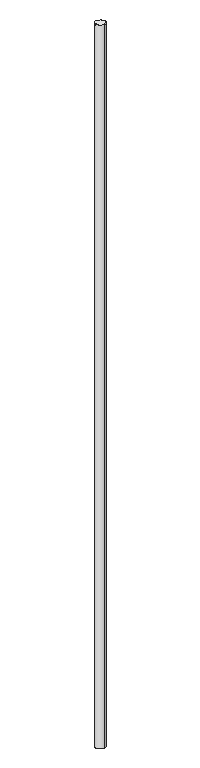
Revit family "EV_SPACER TUBE 22-26_9372797", category Generic Models, Revit 2018
Family settings
  Can host rebar = No
  Round Connector Dimension = Use Diameter
  Part Type = Normal
  OmniClass Number = 35.51.14.00
  OmniClass Title = FORMWORK
  Work Plane-Based = Yes
  Always vertical = No
  Cut with Voids When Loaded = No
  Shared = Yes
  Room Calculation Point = No
Parameters
  VERSION = "20170217"  # constant formula
  URL = "www.ulmaconstruction.com/en"
  UNICLASS = ""
  Manufacturer = "ULMA CONSTRUCTION"  # constant formula
  LENGTH [instance] = 2000.000 mm
  ITEM_LENGTH [instance] = if(LENGTH < 25.000 mm, 25.000 mm, if(LENGTH < 2000.000 mm, LENGTH, 2000.000 mm))  # 2000.000 mm
  ITEM_GENERIC = "1"
  ITEM_CODE = "9372797"
  FILTER [instance] = ""
  Default Elevation = 0.000 mm
  CLASSIFICATION_TITLE = ""
  CLASSIFICATION_NUMBER = ""
Reference planes
  plane 1 "Centro (Frontal/Posterior)": y = 0
  plane 2: z = 0
  plane 3 "Centro (Izquierda/Derecha)": x = 0
  plane 4 "ITEM_LENGTH": z = 2000
  plane 5 "LENGTH": z = 2000
Forms (mm)
  Extrusion 1, solid, material "ULMA PLASTIC", detail levels medium+fine
    sketch origin (0, 0, 0) x (1, 0, 0) y (0, 1, 0)
      loop
        circle (0, 0) r 13
    from 0 to 2000
Lines and regions (mm)
  model lines, style "ULMA CONSUMABLES", detail levels medium+fine
    curve 1: circle (0, 0, 0) r 11 normal (0, 0, 1)
    curve 2: circle (0, 0, 2000) r 11 normal (0, 0, 1)
Dimensions and locks
  "ITEM_LENGTH": plane 4 "ITEM_LENGTH" to plane 2
  "LENGTH": plane 5 "LENGTH" to plane 2
  aligned and locked: level to plane 2
  aligned and locked: Extrusion 1 to plane 4 "ITEM_LENGTH"
Automatic sketch dimensions
  plane 1 "Centro (Frontal/Posterior)" to curve 1 = 0.000 mm
  curve 1 to plane 3 "Centro (Izquierda/Derecha)" = 0.000 mm
  plane 1 "Centro (Frontal/Posterior)" to Extrusion 1 sketch curve = 0.000 mm
  Extrusion 1 sketch curve to plane 3 "Centro (Izquierda/Derecha)" = 0.000 mm
  radius of curve 1 = 11.000 mm
  radius of Extrusion 1 sketch curve = 13.000 mm
  radius of curve 2 to Extrusion 1 = 2.000 mm
